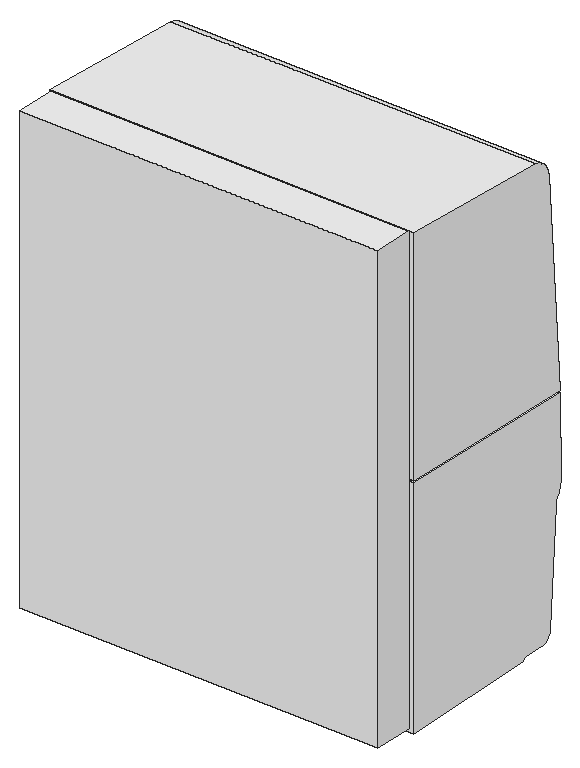
Revit family "Towel dispenser_CWS_Heavy duty", category Plumbing Fixtures, host Wall, Revit 2014 (continued)
Definition of nested family "PB-102000-IL_Heavy_Duty-C"
  Automatic sketch dimensions
    Extrusion 27 sketch curve to Extrusion 27 sketch curve = 2.624 mm
    Extrusion 27 sketch curve to Extrusion 27 sketch curve = 0.813 mm
    Extrusion 27 sketch curve to Extrusion 27 sketch curve = 0.151 mm
    Extrusion 27 sketch curve to Extrusion 27 sketch curve = 0.268 mm
    Extrusion 27 sketch curve to Extrusion 27 sketch curve = 0.58 mm
    Extrusion 27 sketch curve to Extrusion 27 sketch curve = 2.034 mm
    Extrusion 27 sketch curve to Extrusion 27 sketch curve = 2.415 mm
    Extrusion 27 sketch curve to Extrusion 27 sketch curve = 7.991 mm
    Extrusion 27 sketch curve to Extrusion 27 sketch curve = 6.885 mm
    Extrusion 27 sketch curve to Extrusion 27 sketch curve = 4.189 mm
    Extrusion 27 sketch curve to Extrusion 27 sketch curve = 6.574 mm
    Extrusion 27 sketch curve to Extrusion 27 sketch curve = 1.651 mm
    Extrusion 27 sketch curve to Extrusion 27 sketch curve = 4.038 mm
    Extrusion 27 sketch curve to Extrusion 27 sketch curve = 4.136 mm
    Extrusion 27 sketch curve to Extrusion 27 sketch curve = 6.745 mm
    Extrusion 27 sketch curve to Extrusion 27 sketch curve = 3.921 mm
    Extrusion 27 sketch curve to Extrusion 27 sketch curve = 8.293 mm
    Extrusion 27 sketch curve to Extrusion 27 sketch curve = 0 mm  (x4)
    Extrusion 27 sketch curve to Extrusion 27 sketch curve = 4.067 mm  (x2)
    Extrusion 27 sketch curve to Extrusion 27 sketch curve = 5.04 mm
    Extrusion 27 sketch curve to Extrusion 27 sketch curve = 0.247 mm
    Extrusion 27 sketch curve to Extrusion 27 sketch curve = 0.208 mm
    Extrusion 27 sketch curve to Extrusion 27 sketch curve = 0.597 mm
    Extrusion 27 sketch curve to Extrusion 27 sketch curve = 2.185 mm
    Extrusion 27 sketch curve to Extrusion 27 sketch curve = 3.425 mm
    Extrusion 27 sketch curve to Extrusion 27 sketch curve = 0.44 mm
    Extrusion 27 sketch curve to Extrusion 27 sketch curve = 1.971 mm
    Extrusion 27 sketch curve to Extrusion 27 sketch curve = 5.488 mm
    Extrusion 27 sketch curve to Extrusion 27 sketch curve = 2.188 mm
    Extrusion 27 sketch curve to Extrusion 27 sketch curve = 6.961 mm
    Extrusion 27 sketch curve to Extrusion 27 sketch curve = 0.795 mm
    Extrusion 27 sketch curve to Extrusion 27 sketch curve = 0.703 mm
    Extrusion 27 sketch curve to Extrusion 27 sketch curve = 1.985 mm
    Extrusion 27 sketch curve to Extrusion 27 sketch curve = 1.025 mm
    Extrusion 27 sketch curve to Extrusion 27 sketch curve = 2.686 mm
    Extrusion 27 sketch curve to Extrusion 27 sketch curve = 2.01 mm
    Extrusion 27 sketch curve to Extrusion 27 sketch curve = 3.646 mm
    Extrusion 27 sketch curve to Extrusion 27 sketch curve = 6.976 mm
    Extrusion 27 sketch curve to Extrusion 27 sketch curve = 2.328 mm
    Extrusion 27 sketch curve to Extrusion 27 sketch curve = 0.087 mm
    Extrusion 27 sketch curve to Extrusion 27 sketch curve = 0.818 mm
    Extrusion 27 sketch curve to Extrusion 27 sketch curve = 5.826 mm
    Extrusion 27 sketch curve to Extrusion 27 sketch curve = 6.872 mm
    Extrusion 27 sketch curve to Extrusion 27 sketch curve = 0.013 mm
    Extrusion 27 sketch curve to Extrusion 27 sketch curve = 0.395 mm
    Extrusion 28 sketch curve to Extrusion 28 sketch curve = 1.763 mm
    Extrusion 28 sketch curve to Extrusion 28 sketch curve = 4.503 mm
    Extrusion 28 sketch curve to Extrusion 28 sketch curve = 25.885 mm
    Extrusion 16 sketch curve to Extrusion 16 sketch curve = 1254.547 mm
    Extrusion 16 sketch curve to Extrusion 16 sketch curve = 12.536 mm
    Extrusion 16 sketch curve to Extrusion 16 sketch curve = 5.525 mm
    Extrusion 16 sketch curve to Extrusion 16 sketch curve = 1.761 mm
    Extrusion 16 sketch curve to Extrusion 16 sketch curve = 686.091 mm
    Extrusion 17 sketch curve to Extrusion 17 sketch curve = 47.601 mm
    Extrusion 17 sketch curve to Extrusion 17 sketch curve = 8.997 mm
    Extrusion 17 sketch curve to Extrusion 17 sketch curve = 22.863 mm
    Extrusion 18 sketch curve to Extrusion 18 sketch curve = 47.601 mm
    Extrusion 18 sketch curve to Extrusion 18 sketch curve = 8.997 mm
    Extrusion 18 sketch curve to Extrusion 18 sketch curve = 22.863 mm
    Extrusion 19 sketch curve to Extrusion 19 sketch curve = 380.077 mm
    Extrusion 19 sketch curve to Extrusion 19 sketch curve = 42.007 mm
    Extrusion 20 sketch curve to Extrusion 20 sketch curve = 20 mm
    Blend 21 sketch curve to Blend 21 sketch curve = 10 mm  (x2)
    Blend 21 sketch curve to Blend 21 sketch curve = 22.157 mm
    Blend 21 sketch curve to Blend 21 sketch curve = 12.157 mm
    Extrusion 23 sketch curve to Extrusion 23 sketch curve = 0.086 mm
    Extrusion 23 sketch curve to Extrusion 23 sketch curve = 1.582 mm
    Extrusion 23 sketch curve to Extrusion 23 sketch curve = 0.544 mm
    Extrusion 23 sketch curve to Extrusion 23 sketch curve = 2.253 mm
    Extrusion 23 sketch curve to Extrusion 23 sketch curve = 0.073 mm
    Extrusion 24 sketch curve to Extrusion 24 sketch curve = 191.827 mm
    Extrusion 25 sketch curve to Extrusion 25 sketch curve = 191.827 mm
    Extrusion 26 sketch curve to Extrusion 26 sketch curve = 387.3 mm
    Extrusion 26 sketch curve to Extrusion 26 sketch curve = 259 mm
    Extrusion 27 sketch curve to Extrusion 27 sketch curve = 6.439 mm
    Extrusion 27 sketch curve to Extrusion 27 sketch curve = 2.243 mm
    Extrusion 27 sketch curve to Extrusion 27 sketch curve = 5 mm
    Extrusion 27 sketch curve to Extrusion 27 sketch curve = 7.775 mm
    Extrusion 27 sketch curve to Extrusion 27 sketch curve = 1.951 mm
    Extrusion 1 sketch curve to Extrusion 1 sketch curve = 23.096 mm
    Extrusion 1 sketch curve to Extrusion 1 sketch curve = 144.905 mm
    Extrusion 1 sketch curve to Extrusion 1 sketch curve = 4.145 mm
    Extrusion 1 sketch curve to Extrusion 1 sketch curve = 160.334 mm
    Extrusion 1 sketch curve to Extrusion 1 sketch curve = 20.279 mm
    Extrusion 1 sketch curve to Extrusion 1 sketch curve = 1.604 mm
    Extrusion 1 sketch curve to Extrusion 1 sketch curve = 19.023 mm
    Extrusion 1 sketch curve to Extrusion 1 sketch curve = 11.33 mm
    Extrusion 1 sketch curve to Extrusion 1 sketch curve = 17.863 mm
    Extrusion 1 sketch curve to Extrusion 1 sketch curve = 20.887 mm
    Extrusion 1 sketch curve to Extrusion 1 sketch curve = 1.872 mm
    Extrusion 1 sketch curve to Extrusion 1 sketch curve = 1.96 mm
    Extrusion 1 sketch curve to Extrusion 1 sketch curve = 6.392 mm
    Extrusion 1 sketch curve to Extrusion 1 sketch curve = 22.055 mm
    Extrusion 1 sketch curve to Extrusion 1 sketch curve = 1179.039 mm
    Extrusion 1 sketch curve to Extrusion 1 sketch curve = 3.602 mm
    Extrusion 1 sketch curve to Extrusion 1 sketch curve = 1.458 mm
    Extrusion 1 sketch curve to Extrusion 1 sketch curve = 10.566 mm
    Extrusion 1 sketch curve to Extrusion 1 sketch curve = 114.825 mm
    Extrusion 1 sketch curve to Extrusion 1 sketch curve = 1.542 mm
    Extrusion 1 sketch curve to Extrusion 1 sketch curve = 20.067 mm
    Extrusion 1 sketch curve to Extrusion 1 sketch curve = 0.847 mm
    Extrusion 1 sketch curve to Extrusion 1 sketch curve = 84.169 mm
    Extrusion 1 sketch curve to Extrusion 1 sketch curve = 1.983 mm
    Extrusion 1 sketch curve to Extrusion 1 sketch curve = 0.525 mm
    Extrusion 1 sketch curve to Extrusion 1 sketch curve = 210.535 mm
    Extrusion 1 sketch curve to Extrusion 1 sketch curve = 1.295 mm
    Extrusion 1 sketch curve to Extrusion 1 sketch curve = 5.669 mm
    Extrusion 15 sketch curve to Extrusion 15 sketch curve = 23.096 mm
    Extrusion 15 sketch curve to Extrusion 15 sketch curve = 144.905 mm
    Extrusion 15 sketch curve to Extrusion 15 sketch curve = 4.145 mm
    Extrusion 15 sketch curve to Extrusion 15 sketch curve = 160.334 mm
    Extrusion 15 sketch curve to Extrusion 15 sketch curve = 20.279 mm
    Extrusion 15 sketch curve to Extrusion 15 sketch curve = 1.604 mm
    Extrusion 15 sketch curve to Extrusion 15 sketch curve = 19.023 mm
    Extrusion 15 sketch curve to Extrusion 15 sketch curve = 11.33 mm
    Extrusion 15 sketch curve to Extrusion 15 sketch curve = 17.863 mm
    Extrusion 15 sketch curve to Extrusion 15 sketch curve = 20.887 mm
    Extrusion 15 sketch curve to Extrusion 15 sketch curve = 1.872 mm
    Extrusion 15 sketch curve to Extrusion 15 sketch curve = 1.96 mm
    Extrusion 15 sketch curve to Extrusion 15 sketch curve = 6.392 mm
    Extrusion 15 sketch curve to Extrusion 15 sketch curve = 22.055 mm
    Extrusion 15 sketch curve to Extrusion 15 sketch curve = 1179.039 mm
    Extrusion 15 sketch curve to Extrusion 15 sketch curve = 3.602 mm
    Extrusion 15 sketch curve to Extrusion 15 sketch curve = 1.458 mm
    Extrusion 15 sketch curve to Extrusion 15 sketch curve = 10.566 mm
    Extrusion 15 sketch curve to Extrusion 15 sketch curve = 114.825 mm
    Extrusion 15 sketch curve to Extrusion 15 sketch curve = 1.542 mm
    Extrusion 15 sketch curve to Extrusion 15 sketch curve = 20.067 mm
    Extrusion 15 sketch curve to Extrusion 15 sketch curve = 0.847 mm
    Extrusion 15 sketch curve to Extrusion 15 sketch curve = 84.169 mm
    Extrusion 15 sketch curve to Extrusion 15 sketch curve = 1.983 mm
    Extrusion 15 sketch curve to Extrusion 15 sketch curve = 0.525 mm
    Extrusion 15 sketch curve to Extrusion 15 sketch curve = 210.535 mm
    Extrusion 15 sketch curve to Extrusion 15 sketch curve = 1.295 mm
    Extrusion 15 sketch curve to Extrusion 15 sketch curve = 5.669 mm
    Extrusion 13 sketch curve to Extrusion 13 sketch curve = 7.216 mm
    Extrusion 13 sketch curve to Extrusion 13 sketch curve = 9.327 mm
    Extrusion 13 sketch curve to Extrusion 13 sketch curve = 7.06 mm
    Extrusion 13 sketch curve to Extrusion 13 sketch curve = 3.764 mm
    Extrusion 13 sketch curve to Extrusion 13 sketch curve = 1.025 mm
    Extrusion 13 sketch curve to Extrusion 13 sketch curve = 0.841 mm
    Extrusion 13 sketch curve to Extrusion 13 sketch curve = 4.756 mm
    Extrusion 13 sketch curve to Extrusion 13 sketch curve = 1.63 mm
    Extrusion 13 sketch curve to Extrusion 13 sketch curve = 1.67 mm
    Extrusion 13 sketch curve to Extrusion 13 sketch curve = 1.908 mm
    Extrusion 13 sketch curve to Extrusion 13 sketch curve = 21.509 mm
    Extrusion 13 sketch curve to Extrusion 13 sketch curve = 0.052 mm
    Extrusion 13 sketch curve to Extrusion 13 sketch curve = 0 mm  (x5)
    Extrusion 13 sketch curve to Extrusion 13 sketch curve = 4.765 mm
    Extrusion 13 sketch curve to Extrusion 13 sketch curve = 4.873 mm
    Extrusion 13 sketch curve to Extrusion 13 sketch curve = 0.654 mm
    Extrusion 13 sketch curve to Extrusion 13 sketch curve = 0.721 mm
    Extrusion 13 sketch curve to Extrusion 13 sketch curve = 6.539 mm
    Extrusion 13 sketch curve to Extrusion 13 sketch curve = 7.739 mm
    Extrusion 13 sketch curve to Extrusion 13 sketch curve = 3.934 mm
    Extrusion 13 sketch curve to Extrusion 13 sketch curve = 0.063 mm
    Extrusion 13 sketch curve to Extrusion 13 sketch curve = 3.232 mm
    Extrusion 13 sketch curve to Extrusion 13 sketch curve = 0.952 mm
    Extrusion 13 sketch curve to Extrusion 13 sketch curve = 0.186 mm
    Extrusion 13 sketch curve to Extrusion 13 sketch curve = 6.771 mm
    Extrusion 13 sketch curve to Extrusion 13 sketch curve = 7.302 mm
    Extrusion 13 sketch curve to Extrusion 13 sketch curve = 5.595 mm
    Extrusion 13 sketch curve to Extrusion 13 sketch curve = 18.641 mm
    Extrusion 13 sketch curve to Extrusion 13 sketch curve = 4.675 mm
    plane 5 to curve 257 = 45.39 mm
    curve 257 to plane 4 = 45.689 mm
    curve 78 to plane 4 = 0 mm
    curve 80 to level = 0 mm
    curve 116 to plane 4 = 85.29 mm
    plane 8 to curve 116 = 216.518 mm
    plane 5 to curve 114 = 85.29 mm
    plane 8 to curve 114 = 216.518 mm
    curve 114 to curve 110 = 7.633 mm
    curve 119 to plane 4 = 68.568 mm
    curve 118 to curve 119 = 2.981 mm
    plane 2 "Center (Left/Right)" to curve 98 = 10.891 mm
    curve 116 to curve 98 = 16.125 mm
    curve 119 to plane 4 = 56.388 mm
    curve 118 to curve 119 = 6.135 mm
    plane 5 to curve 112 = 56.388 mm
    curve 109 to curve 112 = 6.135 mm
    plane 2 "Center (Left/Right)" to curve 106 = 0.274 mm
    curve 93 to curve 106 = 5.944 mm
    curve 107 to plane 2 "Center (Left/Right)" = 1.309 mm
    curve 105 to curve 107 = 0.006 mm
    curve 107 to plane 2 "Center (Left/Right)" = 1.061 mm
    curve 106 to curve 107 = 0.963 mm
    plane 2 "Center (Left/Right)" to curve 105 = 0.818 mm
    curve 105 to curve 105 = 2.03 mm
    curve 108 to plane 2 "Center (Left/Right)" = 1.394 mm
    curve 107 to curve 108 = 1.105 mm
    plane 2 "Center (Left/Right)" to curve 103 = 0.891 mm
    curve 104 to curve 103 = 1.396 mm
    curve 99 to plane 2 "Center (Left/Right)" = 0.701 mm
    curve 103 to curve 99 = 0.61 mm
    curve 119 to curve 91 = 10.748 mm
    curve 112 to curve 90 = 10.85 mm
    curve 99 to curve 102 = 1.811 mm
    plane 2 "Center (Left/Right)" to curve 102 = 0.859 mm
    curve 101 to curve 102 = 0.063 mm
    curve 92 to curve 97 = 11.475 mm
    plane 2 "Center (Left/Right)" to curve 94 = 5.891 mm
    curve 94 to curve 96 = 0 mm
    curve 83 to level = 0.288 mm
    curve 80 to level = 0.288 mm
    curve 83 to curve 82 = 22.93 mm
    curve 92 to curve 112 = 10.999 mm
    curve 111 to curve 109 = 12.179 mm
    curve 114 to curve 114 = 4.001 mm
    curve 98 to plane 2 "Center (Left/Right)" = 11.267 mm
    curve 116 to curve 110 = 4.001 mm
    curve 119 to curve 89 = 10.7 mm
    curve 80 to plane 4 = 19.792 mm
    curve 89 to curve 118 = 49.911 mm
    curve 90 to curve 109 = 49.911 mm
    curve 90 to curve 115 = 8.705 mm
    curve 89 to curve 116 = 8.795 mm
    curve 120 to curve 116 = 29.114 mm
    curve 115 to curve 111 = 1.532 mm
    curve 120 to curve 118 = 9.222 mm
    curve 111 to curve 113 = 9.168 mm
    curve 120 to curve 89 = 8 mm
    curve 111 to curve 90 = 8.045 mm
    curve 90 to curve 86 = 35.89 mm
    curve 86 to curve 87 = 14.095 mm
    plane 8 to curve 88 = 1.843 mm
    curve 113 to curve 115 = 17.868 mm
    curve 113 to curve 111 = 0.577 mm
    curve 92 to curve 100 = 1.144 mm
    curve 118 to curve 116 = 32.633 mm
    curve 118 to curve 120 = 20.689 mm
    curve 67 to host wall = 0 mm
    host wall to curve 50 = 871.997 mm
    host wall to curve 74 = 10.012 mm
    curve 73 to plane 9 = 9.347 mm
    plane 9 to curve 43 = 23.093 mm
    curve 71 to plane 6 = 72.088 mm
    plane 8 to curve 65 = 4.343 mm
    curve 65 to plane 6 = 72.082 mm
    curve 64 to curve 64 = 4.145 mm
    curve 69 to curve 44 = 14.556 mm
    curve 63 to curve 63 = 20.104 mm
    curve 59 to plane 6 = 46.06 mm
    curve 45 to plane 7 = 23.694 mm
    curve 44 to curve 45 = 19.921 mm
    plane 8 to curve 61 = 17.846 mm
    curve 62 to curve 61 = 11.33 mm
    curve 59 to curve 61 = 17.863 mm
    curve 260 to plane 6 = 25.474 mm
    curve 260 to curve 48 = 0.301 mm
    curve 46 to curve 46 = 0.873 mm
    curve 260 to curve 260 = 2.175 mm
    curve 48 to curve 259 = 0 mm
    curve 61 to curve 58 = 5.111 mm
    curve 54 to plane 6 = 16.294 mm
    curve 58 to curve 57 = 6.881 mm
    curve 56 to curve 55 = 2.755 mm
    curve 54 to curve 52 = 1.866 mm
    curve 54 to curve 53 = 3.504 mm
    curve 60 to plane 6 = 6.141 mm
    curve 51 to plane 6 = 6.057 mm
    curve 52 to plane 6 = 4.297 mm
    plane 8 to curve 64 = 2.885 mm
    plane 8 to curve 67 = 2.07 mm
    curve 163 to level = 0.288 mm
    curve 50 to level = 497.892 mm
    curve 43 to curve 65 = 1179.039 mm
    curve 61 to curve 60 = 117.324 mm
    curve 60 to curve 61 = 1.541 mm
    curve 61 to curve 58 = 13.091 mm
    curve 58 to curve 58 = 7.643 mm
    curve 58 to curve 59 = 7.825 mm
    curve 57 to curve 56 = 8.548 mm
    curve 55 to curve 53 = 32.526 mm
    curve 53 to curve 52 = 2.981 mm
    curve 51 to curve 51 = 5.035 mm
    curve 51 to curve 260 = 27.066 mm
    curve 260 to curve 259 = 0.583 mm
    curve 259 to curve 49 = 14.379 mm
    curve 47 to curve 46 = 1.983 mm
    curve 46 to curve 45 = 0.234 mm
    curve 71 to curve 45 = 51.325 mm
    curve 70 to curve 69 = 10.006 mm
    curve 44 to curve 45 = 1.774 mm
    curve 74 to plane 7 = 23.694 mm
    curve 72 to plane 7 = 5.508 mm
    plane 7 to curve 76 = 0.06 mm
    plane 7 to curve 163 = 0.06 mm
    curve 260 to curve 162 = 0.301 mm
    curve 50 to curve 48 = 0.9 mm
    curve 261 to curve 258 = 2.173 mm
    curve 258 to curve 58 = 0.239 mm
    curve 261 to curve 260 = 1.983 mm
    curve 260 to curve 162 = 0.695 mm
    curve 85 to plane 5 = 0 mm
    Extrusion 13 sketch curve to Extrusion 13 sketch curve = 1.501 mm
    Extrusion 13 sketch curve to Extrusion 13 sketch curve = 10.23 mm
    Blend 35 sketch curve to Blend 35 sketch curve = 27.949 mm
    Blend 35 sketch curve to Blend 35 sketch curve = 5 mm  (x2)
    Blend 35 sketch curve to Blend 35 sketch curve = 22.949 mm
    Extrusion 37 sketch curve to Extrusion 37 sketch curve = 0.248 mm
    Extrusion 37 sketch curve to Extrusion 37 sketch curve = 0.063 mm
    Extrusion 37 sketch curve to Extrusion 37 sketch curve = 2.484 mm
    Extrusion 37 sketch curve to Extrusion 37 sketch curve = 1.352 mm
    Extrusion 37 sketch curve to Extrusion 37 sketch curve = 1.396 mm
    Extrusion 37 sketch curve to Extrusion 37 sketch curve = 1.105 mm
    Extrusion 37 sketch curve to Extrusion 37 sketch curve = 0.963 mm
    Extrusion 37 sketch curve to Extrusion 37 sketch curve = 0.006 mm
    Extrusion 30 sketch curve to Extrusion 30 sketch curve = 10.156 mm
    Extrusion 30 sketch curve to Extrusion 30 sketch curve = 4.712 mm
    Extrusion 30 sketch curve to Extrusion 30 sketch curve = 1.638 mm
    Extrusion 30 sketch curve to Extrusion 30 sketch curve = 10.748 mm
    Extrusion 30 sketch curve to Extrusion 30 sketch curve = 2.981 mm
    Extrusion 30 sketch curve to Extrusion 30 sketch curve = 5.035 mm
    Extrusion 30 sketch curve to Extrusion 30 sketch curve = 39.297 mm
    Extrusion 31 sketch curve to Extrusion 31 sketch curve = 5.317 mm
    Extrusion 32 sketch curve to Extrusion 32 sketch curve = 5.317 mm
    Extrusion 34 sketch curve to Extrusion 34 sketch curve = 99.735 mm
    Extrusion 34 sketch curve to Extrusion 34 sketch curve = 0 mm
    Extrusion 38 sketch curve to Extrusion 38 sketch curve = 1.983 mm
    Extrusion 39 sketch curve to Extrusion 39 sketch curve = 1.983 mm
    Extrusion 42 sketch curve to Extrusion 42 sketch curve = 3.201 mm
    Extrusion 42 sketch curve to Extrusion 42 sketch curve = 5.942 mm
    Extrusion 42 sketch curve to Extrusion 42 sketch curve = 47.013 mm
    Extrusion 30 sketch curve to Extrusion 30 sketch curve = 1254.547 mm
    Extrusion 30 sketch curve to Extrusion 30 sketch curve = 12.536 mm
    Extrusion 30 sketch curve to Extrusion 30 sketch curve = 5.525 mm
    Extrusion 30 sketch curve to Extrusion 30 sketch curve = 1.761 mm
    Extrusion 30 sketch curve to Extrusion 30 sketch curve = 686.091 mm
    Extrusion 31 sketch curve to Extrusion 31 sketch curve = 47.601 mm
    Extrusion 31 sketch curve to Extrusion 31 sketch curve = 8.997 mm
    Extrusion 31 sketch curve to Extrusion 31 sketch curve = 22.863 mm
    Extrusion 32 sketch curve to Extrusion 32 sketch curve = 47.601 mm
    Extrusion 32 sketch curve to Extrusion 32 sketch curve = 8.997 mm
    Extrusion 32 sketch curve to Extrusion 32 sketch curve = 22.863 mm
    Extrusion 33 sketch curve to Extrusion 33 sketch curve = 380.077 mm
    Extrusion 33 sketch curve to Extrusion 33 sketch curve = 42.007 mm
    Extrusion 34 sketch curve to Extrusion 34 sketch curve = 20 mm
    Blend 35 sketch curve to Blend 35 sketch curve = 10 mm  (x2)
    Blend 35 sketch curve to Blend 35 sketch curve = 22.157 mm
    Blend 35 sketch curve to Blend 35 sketch curve = 12.157 mm
    Extrusion 37 sketch curve to Extrusion 37 sketch curve = 0.086 mm
    Extrusion 37 sketch curve to Extrusion 37 sketch curve = 1.582 mm
    Extrusion 37 sketch curve to Extrusion 37 sketch curve = 0.544 mm
    Extrusion 37 sketch curve to Extrusion 37 sketch curve = 2.253 mm
    Extrusion 37 sketch curve to Extrusion 37 sketch curve = 0.073 mm
    Extrusion 38 sketch curve to Extrusion 38 sketch curve = 191.827 mm
    Extrusion 39 sketch curve to Extrusion 39 sketch curve = 191.827 mm
    Extrusion 40 sketch curve to Extrusion 40 sketch curve = 387.3 mm
    Extrusion 40 sketch curve to Extrusion 40 sketch curve = 259 mm
    Extrusion 29 sketch curve to Extrusion 29 sketch curve = 23.096 mm
    Extrusion 29 sketch curve to Extrusion 29 sketch curve = 144.905 mm
    Extrusion 29 sketch curve to Extrusion 29 sketch curve = 4.145 mm
    Extrusion 29 sketch curve to Extrusion 29 sketch curve = 160.334 mm
    Extrusion 29 sketch curve to Extrusion 29 sketch curve = 20.279 mm
    Extrusion 29 sketch curve to Extrusion 29 sketch curve = 1.604 mm
    Extrusion 29 sketch curve to Extrusion 29 sketch curve = 19.023 mm
    Extrusion 29 sketch curve to Extrusion 29 sketch curve = 11.33 mm
    Extrusion 29 sketch curve to Extrusion 29 sketch curve = 17.863 mm
    Extrusion 29 sketch curve to Extrusion 29 sketch curve = 20.887 mm
    Extrusion 29 sketch curve to Extrusion 29 sketch curve = 1.872 mm
    Extrusion 29 sketch curve to Extrusion 29 sketch curve = 1.96 mm
    Extrusion 29 sketch curve to Extrusion 29 sketch curve = 6.392 mm
    Extrusion 29 sketch curve to Extrusion 29 sketch curve = 22.055 mm
    Extrusion 29 sketch curve to Extrusion 29 sketch curve = 1179.039 mm
    Extrusion 29 sketch curve to Extrusion 29 sketch curve = 3.602 mm
    Extrusion 29 sketch curve to Extrusion 29 sketch curve = 1.458 mm
    Extrusion 29 sketch curve to Extrusion 29 sketch curve = 10.566 mm
    Extrusion 29 sketch curve to Extrusion 29 sketch curve = 114.825 mm
    Extrusion 29 sketch curve to Extrusion 29 sketch curve = 1.542 mm
    Extrusion 29 sketch curve to Extrusion 29 sketch curve = 20.067 mm
    Extrusion 29 sketch curve to Extrusion 29 sketch curve = 0.847 mm
    Extrusion 29 sketch curve to Extrusion 29 sketch curve = 84.169 mm
    Extrusion 29 sketch curve to Extrusion 29 sketch curve = 1.983 mm
    Extrusion 29 sketch curve to Extrusion 29 sketch curve = 0.525 mm
    Extrusion 29 sketch curve to Extrusion 29 sketch curve = 210.535 mm
    Extrusion 29 sketch curve to Extrusion 29 sketch curve = 1.295 mm
    Extrusion 29 sketch curve to Extrusion 29 sketch curve = 5.669 mm
    Extrusion 41 sketch curve to Extrusion 41 sketch curve = 7.216 mm
    Extrusion 41 sketch curve to Extrusion 41 sketch curve = 9.327 mm
    Extrusion 41 sketch curve to Extrusion 41 sketch curve = 7.06 mm
    Extrusion 41 sketch curve to Extrusion 41 sketch curve = 3.764 mm
    Extrusion 41 sketch curve to Extrusion 41 sketch curve = 1.025 mm
    Extrusion 41 sketch curve to Extrusion 41 sketch curve = 0.841 mm
    Extrusion 41 sketch curve to Extrusion 41 sketch curve = 4.756 mm
    Extrusion 41 sketch curve to Extrusion 41 sketch curve = 1.63 mm
    Extrusion 41 sketch curve to Extrusion 41 sketch curve = 1.67 mm
    Extrusion 41 sketch curve to Extrusion 41 sketch curve = 1.908 mm
    Extrusion 41 sketch curve to Extrusion 41 sketch curve = 21.509 mm
    Extrusion 41 sketch curve to Extrusion 41 sketch curve = 0.052 mm
    Extrusion 41 sketch curve to Extrusion 41 sketch curve = 0 mm  (x5)
    Extrusion 41 sketch curve to Extrusion 41 sketch curve = 4.765 mm
    Extrusion 41 sketch curve to Extrusion 41 sketch curve = 4.873 mm
    Extrusion 41 sketch curve to Extrusion 41 sketch curve = 0.654 mm
    Extrusion 41 sketch curve to Extrusion 41 sketch curve = 0.721 mm
    Extrusion 41 sketch curve to Extrusion 41 sketch curve = 6.539 mm
    Extrusion 41 sketch curve to Extrusion 41 sketch curve = 7.739 mm
    Extrusion 41 sketch curve to Extrusion 41 sketch curve = 3.934 mm
    Extrusion 41 sketch curve to Extrusion 41 sketch curve = 0.063 mm
    Extrusion 41 sketch curve to Extrusion 41 sketch curve = 3.232 mm
    Extrusion 41 sketch curve to Extrusion 41 sketch curve = 0.952 mm
    Extrusion 41 sketch curve to Extrusion 41 sketch curve = 0.186 mm
    Extrusion 41 sketch curve to Extrusion 41 sketch curve = 6.771 mm
    Extrusion 41 sketch curve to Extrusion 41 sketch curve = 7.302 mm
    Extrusion 41 sketch curve to Extrusion 41 sketch curve = 5.595 mm
    Extrusion 41 sketch curve to Extrusion 41 sketch curve = 18.641 mm
    Extrusion 41 sketch curve to Extrusion 41 sketch curve = 4.675 mm
    Extrusion 41 sketch curve to Extrusion 41 sketch curve = 1.501 mm
    Extrusion 41 sketch curve to Extrusion 41 sketch curve = 10.23 mm
    radius of Extrusion 8 sketch curve = 9.422 mm
    radius of Extrusion 22 sketch curve = 9.422 mm
    radius of Extrusion 36 sketch curve = 9.422 mm
